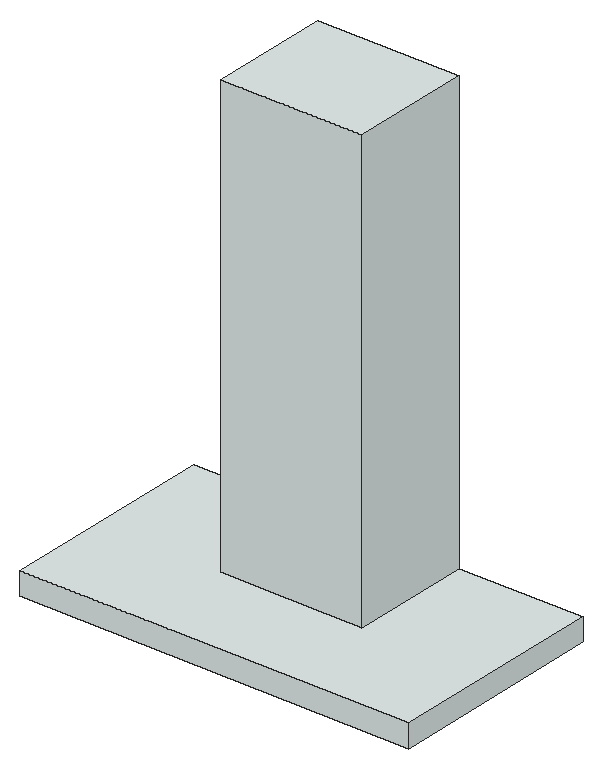
Revit family "Coifa_Tramontina", category Food Service Equipment, Revit 2025
Family settings
  Round Connector Dimension = Use Diameter
  Part Type = Normal
  Work Plane-Based = Yes
  Enable Cutting in Views = No
  Always vertical = No
  Cut with Voids When Loaded = Yes
  Maintain Annotation Orientation = No
  Shared = No
  Room Calculation Point = No
Parameters
  Material_Cuba_Coz = CT_Aço_Inox
  Default Elevation = 1.2192 m
  Coifa_Altura_Chamine = 1.02 m
  Coifa_Altura = 1.50 m
Reference planes (m)
  plane 1 "Center (Front/Back)": y = 0
  plane 2: z = 1.5
  plane 3 "Center (Left/Right)": x = 0
  plane 4 "PlanoInserção": z = 0
Forms (m)
  Extrusion 1, solid, material "CT_Aço_Inox" <- "Material_Cuba_Coz"
    sketch origin (0, 0, 0) x (1, 0, 0) y (0, 1, 0)
      loop
        line (-0.4493, -0.5) -> (0.4493, -0.5) -> (0.4493, 0) -> (-0.4493, 0) -> (-0.4493, -0.5)
    from 1.5 to 1.552095
  Extrusion 2, solid, material "CT_Aço_Inox" <- "Material_Cuba_Coz"
    sketch origin (0, 0, 0) x (1, 0, 0) y (0, 1, 0)
      loop
        line (-0.16295, -0.2783) -> (0.16295, -0.2783) -> (0.16295, 0) -> (-0.16295, 0) -> (-0.16295, -0.2783)
    from 1.552095 to 2.572095
Cuts and joins
  joined: Extrusion 1, Extrusion 2
Lines and regions (m)
  symbolic lines
    curve 1: line (-0.4493, 0, 0) -> (0.4493, 0, 0)
    curve 2: line (-0.4493, -0.5, 0) -> (-0.4493, 0, 0)
    curve 3: line (0.4493, -0.5, 0) -> (-0.4493, -0.5, 0)
    curve 4: line (0.4493, 0, 0) -> (0.4493, -0.5, 0)
    curve 5: line (-0.16295, 0, 0) -> (0.16295, 0, 0)
    curve 6: line (-0.16295, -0.2783, 0) -> (-0.16295, 0, 0)
    curve 7: line (0.16295, -0.2783, 0) -> (-0.16295, -0.2783, 0)
    curve 8: line (0.16295, 0, 0) -> (0.16295, -0.2783, 0)
Dimensions and locks (m)
  cut or joined group of Extrusion 1, Extrusion 2 to cut or joined group of Extrusion 1, Extrusion 2 = 0.00 m
  locked: cut or joined group of Extrusion 1, Extrusion 2 to cut or joined group of Extrusion 1, Extrusion 2 at 0.5
  locked: cut or joined group of Extrusion 1, Extrusion 2 to cut or joined group of Extrusion 1, Extrusion 2 at 0.8986
  locked: plane 3 "Center (Left/Right)" to Extrusion 2 at 0.16295
  locked: plane 1 "Center (Front/Back)" to Extrusion 2 at 0.2783
  "Coifa_Altura": plane 2 to level
  "Coifa_Altura_Chamine": cut or joined group of Extrusion 1, Extrusion 2 to cut or joined group of Extrusion 1, Extrusion 2
  aligned and locked: Extrusion 2 to Extrusion 1
  aligned and locked: plane 4 "PlanoInserção" to level
Automatic sketch dimensions
  Extrusion 1 sketch curve to plane 1 "Center (Front/Back)" = 0.00 m
  Extrusion 1 sketch curve to plane 3 "Center (Left/Right)" = 0.4493 m
  plane 3 "Center (Left/Right)" to Extrusion 1 sketch curve = 0.4493 m
  plane 1 "Center (Front/Back)" to Extrusion 1 sketch curve = 0.50 m
  plane 1 "Center (Front/Back)" to Extrusion 2 sketch curve = 0.00 m
  Extrusion 2 sketch curve to plane 3 "Center (Left/Right)" = 0.16295 m
  plane 3 "Center (Left/Right)" to Extrusion 2 sketch curve = 0.16295 m
  plane 1 "Center (Front/Back)" to Extrusion 2 sketch curve = 0.2783 m
  plane 1 "Center (Front/Back)" to curve 2 = 0.00 m
  plane 1 "Center (Front/Back)" to curve 6 = 0.00 m
  curve 3 to plane 3 "Center (Left/Right)" = 0.4493 m
  curve 6 to plane 3 "Center (Left/Right)" = 0.16295 m
  plane 3 "Center (Left/Right)" to curve 5 = 0.16295 m
  curve 5 to curve 1 = 0.28635 m
  plane 1 "Center (Front/Back)" to curve 7 = 0.2783 m
  curve 4 to curve 7 = 0.2217 m
